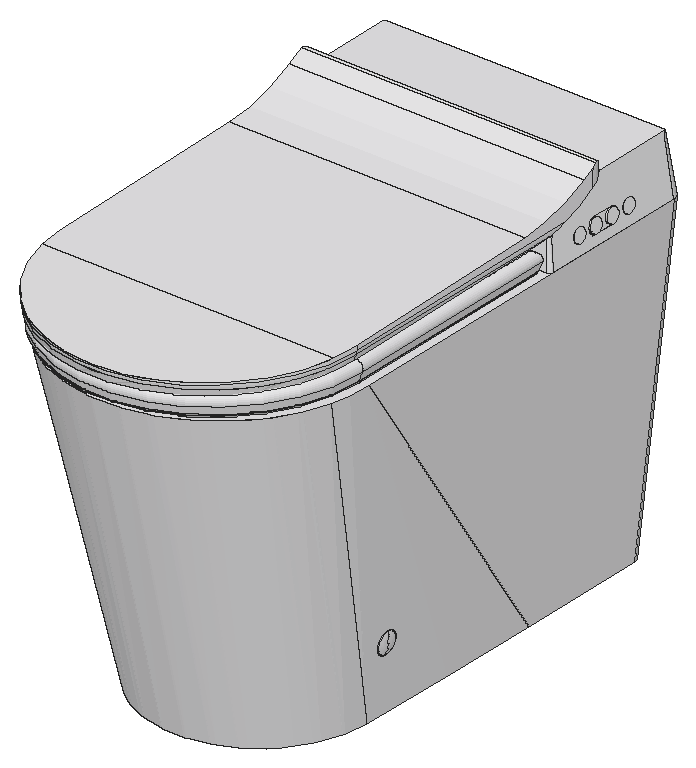
Revit family "Toilet-Floor_Mount_Intelligent-KOHLER-Leap-K-28529-1", category Plumbing Fixtures, host Face, Revit 2021
Family settings
  Host = Face
  Round Connector Dimension = Use Diameter
  Part Type = Normal
  OmniClass Number = 23.31.19.00
  OmniClass Title = Toilets
  Cut with Voids When Loaded = No
  Shared = No
  Room Calculation Point = No
Parameters (values of type "0-White")
  Width = 14.49606"  # constant formula
  WaterSense Certified = 1 = 1  # yes
  Waste Water Outlet = "Waste Water Outlet"  # constant formula
  Waste Connection = 1 = 1  # yes
  Voltage = 120 V  # constant formula
  Vent Connection = 1 = 0  # no
  URL = "https://www.us.kohler.com/us/"
  Type = 1
  Seat Included = 1 = 1  # yes
  Rough-In = 12 1/128"  # constant formula
  Product Page URL = "http://www.us.kohler.com/us/catalog/productDetails.jsp?productNumber=28529"
  Product Name = "Leap"  # constant formula
  Product Documentation Link = "https://www.us.kohler.com/webassets/kpna/catalog/pdf/en/K-28529_spec_US-CA_Kohler_en.pdf"
  Pressure = 0.00 psi
  Model = if(Type = 1, "K-28529-0", "NA")  # "K-28529-0"
  Material = "Vitreous China"  # constant formula
  Master Format 2014 Name = "Residential Water Closets"  # constant formula
  Master Format 2014 = "22 42 13.13"  # constant formula
  Manufacturer Address = "444 Highland Dr.Kohler, WI 53044"  # constant formula
  Manufacturer = "Kohler Co."  # constant formula
  Length = 26 205/256"  # constant formula
  Hot Water Inlet = "Hot Water Inlet"  # constant formula
  Height = 20.06299"  # constant formula
  HW Connection = 1 = 0  # no
  Flush Rate- LPF = "4.8 LPF"  # constant formula
  Flush Rate- GPF = "1.28 GPF"  # constant formula
  Flow Rate = 0 GPM
  Finish = Kohler-Vitreous_China-0-White
  Environmental Product Declaration = ""
  Electrical Note = "One Dedicated Circuit Required"  # constant formula
  Electrical Connector = 1 = 1  # yes
  Description = "One-piece elongated smart toilet, dual-flush"  # constant formula
  Default Elevation = 0"
  Declare Label = ""
  Date Modified = "09/23/2024"  # constant formula
  Date Created = "03/22/2024"  # constant formula
  Copyright = "Copyright Kohler Co."  # constant formula
  Contact Us = "https://www.us.kohler.com/us/static/contact.jsp"
  Cold Water Inlet = "Cold Water Inlet"  # constant formula
  CW Connection = 1 = 1  # yes
  Bowl Height = 16.44488"  # constant formula
  Assembly Code = "D2010100"
  Apparent Load = 120 * 15 VA  # 1800 VA
  ADA Compliant = 1 = 1  # yes
Reference planes (in)
  plane 1 "Center (Front/Back)": y = 0
  plane 2: z = 0
  plane 3 "Center (Left/Right)": x = 0
  plane 4: y = -27.58818
  plane 5: y = -0.7874
  plane 6: y = -12.00781
  plane 7: x = -5.98918
  plane 8: x = 6.00984
  plane 9: z = 20.06299
  plane 10: z = 16.44488
  plane 11: z = 17.62781
  plane 12: y = -4.13386
  plane 13: z = 4.74777
  plane 14: z = 5.32959
  plane 15: z = 3.4116
  plane 16: y = -5.38042
  plane 17: x = -7.24803
  plane 18: x = 7.24803
  plane 19: y = -22.34646
Dimensions and locks (in)
  plane 5 to plane 1 "Center (Front/Back)" = 0.7874"
  "Height": plane 9 to level
  "Length": plane 5 to plane 4
  "Rough-In": plane 1 "Center (Front/Back)" to plane 6
  "Bowl Height": level to plane 10
  plane 10 to plane 9 = 3.61811"
  plane 11 to plane 10 = 1.18293"
  plane 5 to plane 4 = 26 205/256"
  plane 1 "Center (Front/Back)" to plane 5 = 0.7874"
  plane 9 to level = 20.06299"
  plane 16 to plane 4 = 22.20776"
  plane 6 to plane 19 = 10.33864"
  "Width": plane 17 to plane 18
  aligned and locked: plane 2 to host face
  aligned and locked: level to host face
  aligned and locked: level to nested 1
  aligned and locked: nested 1 to plane 5
  aligned and locked: plane 3 "Center (Left/Right)" to nested 1
Automatic sketch dimensions
  host sketch curve to host sketch curve = 96"  (x2)
Nested families (in)
  nested 1: "K-28529" at (0, 0, 0.69685), type "K-28529"
Connectors (in)
  piping at (0, -12.00787, 0), diameter 2, driven by "Waste Connection", driven by "Waste Water Outlet"
    settings: on nested 1, index 3, connector inside diameter 24", connector length 0", flow factor 0, pipe flow 0 GPM, pressure drop 0.00 psi, fitting loss kfactor 0, connector angle 0.00°, fixture units 0, engagement length 0", angle of deflection 0.00°, flow configuration 0, flow direction 2, fitting loss method 0, system type 16, joint type 0, gender type 0, connector reference index -1, connector utility 1, adjustable connector no, is connector primary yes, connector description "Waste Water Outlet"
  piping at (-5.98918, -4.13386, 5.32959), diameter 0.375, driven by "CW Connection", driven by "Cold Water Inlet"
    settings: on nested 1, index 4, connector inside diameter 24", connector length 0", flow factor 0, pipe flow 0 GPM, pressure drop 0.00 psi, fitting loss kfactor 0, connector angle 0.00°, fixture units 0, engagement length 0", angle of deflection 0.00°, flow configuration 0, flow direction 1, fitting loss method 0, system type 20, joint type 0, gender type 0, connector reference index -1, connector utility 1, adjustable connector no, is connector primary no, connector description "Cold Water Inlet"
  electrical at (-5.98918, -4.13386, 4.74777), driven by "Voltage", driven by "Apparent Load", driven by "Electrical Connector", driven by "Electrical Note"
    settings: on nested 1, index 5, voltage 120 V, apparent load 1800 VA, apparent load phase1 0 VA, apparent load phase2 0 VA, apparent load phase3 0 VA, power factor 1, load classification "Power", number of poles 1, system type 30, power factor state 1, is connector primary yes, connector utility yes, sub classification motor no, connector description "One Dedicated Circuit Required"
Definition of nested family "K-28529"
  Parameters
    Material = none
    Default Elevation = 0"
  Reference planes (in)
    plane 1 "Center (Front/Back)": y = 0
    plane 2: z = 0
    plane 3 "Center (Left/Right)": x = 0
    plane 4: y = -0.7874
    plane 5: y = -12.00787
    plane 6: y = -27.58661
    plane 7: z = 15.74803
    plane 8: z = 19.36614
    plane 9: y = -21.65354
    plane 10: x = 6.00984
    plane 11: x = -5.98918
    plane 12 "aa": through (0, -5.96811, 18.39868) normal (0, 0.4548, -0.8906)
    plane 13 "zz": through (6.83853, 0, 18.59229) normal (-0.9906, 0, -0.1371)
    plane 14: z = 4.05092
    plane 15: y = -4.13386
    plane 16: z = 4.63274
    plane 17: z = -0.69685
    plane 18: x = -7.24803
    plane 19: x = 7.24803
    plane 20: y = -22.34646
  Forms (in)
    Blend 1, solid, material <- "Material", detail levels medium+fine
      base sketch origin (0, 0, 0) x (1, 0, 0) y (0, 1, 0)
        loop
          line (-5.35715, -1.25984) -> (-5.35715, -7.67699)
          arc (-5.35715, -7.67699) -> (-5.33221, -12.5375) -> (-5.2574, -17.39749) r 473.65749
          arc (-5.2574, -17.39749) -> (0, -22.54808) -> (5.2574, -17.39749) r 5.25851
          arc (5.2574, -17.39749) -> (5.33221, -12.5375) -> (5.35715, -7.67699) r 473.65749
          line (5.35715, -7.67699) -> (5.35715, -1.25984)
          arc (5.35715, -1.25984) -> (5.21878, -0.92578) -> (4.88471, -0.7874) r 0.47244
          line (4.88471, -0.7874) -> (-4.88471, -0.7874)
          arc (-4.88471, -0.7874) -> (-5.21878, -0.92578) -> (-5.35715, -1.25984) r 0.47244
      top sketch origin (0, 0, 0) x (1, 0, 0) y (0, 1, 0)
        loop
          arc (7.24803, -1.1811) -> (7.13272, -0.90271) -> (6.85433, -0.7874) r 0.3937
          line (6.85433, -0.7874) -> (-6.82273, -0.7874)
          arc (-6.82273, -0.7874) -> (-7.10112, -0.90271) -> (-7.21644, -1.1811) r 0.3937
          line (-7.21644, -1.1811) -> (-7.21644, -19.76739)
          arc (-7.21644, -19.76739) -> (-7.11617, -20.96747) -> (-6.81816, -22.13427) r 7.23223
          arc (-6.81816, -22.13427) -> (0.24036, -26.99613) -> (6.9835, -21.70552) r 7.23223
          arc (6.9835, -21.70552) -> (7.18159, -20.74544) -> (7.24803, -19.76739) r 7.23223
          line (7.24803, -19.76739) -> (7.24803, -1.1811)
      from -0.69685 to 15.74803
    Blend 2, solid, material <- "Material", detail levels medium+fine
      base sketch origin (0, 0, 0) x (1, 0, 0) y (0, 1, 0)
        loop
          arc (-1.28724, -13.93558) -> (-1.23658, -14.6763) -> (-1.17662, -15.41633) r 59.18802
          arc (-1.17662, -15.41633) -> (0, -16.49467) -> (1.17662, -15.41633) r 1.1811
          arc (1.17662, -15.41633) -> (1.23658, -14.6763) -> (1.28724, -13.93558) r 59.18802
          arc (1.28724, -13.93558) -> (0, -12.56592) -> (-1.28724, -13.93558) r 1.28972
      top sketch origin (0, 0, 0) x (1, 0, 0) y (0, 1, 0)
        loop
          arc (-5.08401, -22.50659) -> (0, -26.1414) -> (5.08401, -22.50659) r 5.37291
          arc (5.08401, -22.50659) -> (5.80138, -19.00553) -> (5.61376, -15.43665) r 14.07332
          arc (5.61376, -15.43665) -> (0, -10.75147) -> (-5.61376, -15.43665) r 5.70578
          arc (-5.61376, -15.43665) -> (-5.80138, -19.00553) -> (-5.08401, -22.50659) r 14.07332
      from 6.62557 to 15.74803
    Blend 3, void
      base sketch origin (0, 0, 0) x (1, 0, 0) y (0, 1, 0)
        loop
          arc (-0.98236, -13.91665) -> (-0.94369, -14.48193) -> (-0.89794, -15.04668) r 45.16933
          arc (-0.89794, -15.04668) -> (0, -15.86962) -> (0.89794, -15.04668) r 0.90136
          arc (0.89794, -15.04668) -> (0.94369, -14.48193) -> (0.98236, -13.91665) r 45.16933
          arc (0.98236, -13.91665) -> (0, -12.87139) -> (-0.98236, -13.91665) r 0.98425
      top sketch origin (0, 0, 0) x (1, 0, 0) y (0, 1, 0)
        loop
          arc (-4.714, -22.09484) -> (-0.00431, -25.46203) -> (4.70539, -22.09484) r 4.97732
          arc (4.70539, -22.09484) -> (5.36995, -18.85155) -> (5.19613, -15.54544) r 13.03716
          arc (5.19613, -15.54544) -> (-0.00431, -11.2052) -> (-5.20475, -15.54544) r 5.28569
          arc (-5.20475, -15.54544) -> (-5.37856, -18.85155) -> (-4.714, -22.09484) r 13.03716
      from 6.62557 to 15.74803
    Blend 4, void
      base sketch origin (0, 0, 0) x (1, 0, 0) y (0, 1, 0)
        loop
          arc (-1.28724, -13.93558) -> (-1.23658, -14.6763) -> (-1.17662, -15.41633) r 59.18802
          arc (-1.17662, -15.41633) -> (0, -16.49467) -> (1.17662, -15.41633) r 1.1811
          arc (1.17662, -15.41633) -> (1.23658, -14.6763) -> (1.28724, -13.93558) r 59.18802
          arc (1.28724, -13.93558) -> (0, -12.56592) -> (-1.28724, -13.93558) r 1.28972
      top sketch origin (0, 0, 0) x (1, 0, 0) y (0, 1, 0)
        loop
          arc (-5.08401, -22.50659) -> (0, -26.1414) -> (5.08401, -22.50659) r 5.37291
          arc (5.08401, -22.50659) -> (5.80138, -19.00553) -> (5.61376, -15.43665) r 14.07332
          arc (5.61376, -15.43665) -> (0, -10.75147) -> (-5.61376, -15.43665) r 5.70578
          arc (-5.61376, -15.43665) -> (-5.80138, -19.00553) -> (-5.08401, -22.50659) r 14.07332
      from 6.62557 to 15.74803
    Sweep 5, solid, material <- "Material", detail levels medium+fine
      path origin (0, 0, 0) x (0, 1, 0) y (0, 0, 1)
        loop
          line (-12.00787, -5.776) -> (-12.00787, 0.32888)
          arc (-12.00787, 0.32888) -> (-11.40267, 1.98153) -> (-9.87331, 2.85249) r 2.55906
          arc (-9.87331, 2.85249) -> (-6.76803, 3.86344) -> (-4.093, 5.73669) r 11.06673
          arc (-4.093, 5.73669) -> (-4.0493, 9.04716) -> (-7.35978, 9.00346) r 2.31076
          arc (-7.35978, 9.00346) -> (-9.79631, 6.79875) -> (-12.5397, 4.99008) r 21.55142
          arc (-12.5397, 4.99008) -> (-13.87, 5.00708) -> (-14.5303, 6.16207) r 1.34031
          line (-14.5303, 6.16207) -> (-14.5303, 11.74274)
      profile origin (0, -12.00787, -2.72356) x (0, -1, 0) y (1, 0, 0)
        loop
          circle (0, 0) r 1.33858
    Blend 6, solid, detail levels medium+fine
      base sketch origin (0, 0, 0) x (1, 0, 0) y (0, 1, 0)
        loop
          line (-7.23223, -1.1811) -> (-7.23223, -8.49563)
          arc (-7.23223, -8.49563) -> (-7.17458, -8.63482) -> (-7.03538, -8.69248) r 0.19685
          line (-7.03538, -8.69248) -> (-6.17053, -8.69248)
          arc (-6.17053, -8.69248) -> (-6.03134, -8.75013) -> (-5.97368, -8.88933) r 0.19685
          line (-5.97368, -8.88933) -> (-5.97368, -12.09458)
          arc (-5.97368, -12.09458) -> (-5.91603, -12.23377) -> (-5.77683, -12.29143) r 0.19685
          line (-5.77683, -12.29143) -> (5.73302, -12.29143)
          arc (5.73302, -12.29143) -> (5.87221, -12.23377) -> (5.92987, -12.09458) r 0.19685
          line (5.92987, -12.09458) -> (5.92987, -8.88319)
          arc (5.92987, -8.88319) -> (5.98753, -8.74399) -> (6.12672, -8.68634) r 0.19685
          line (6.12672, -8.68634) -> (7.03538, -8.68634)
          arc (7.03538, -8.68634) -> (7.17458, -8.62868) -> (7.23223, -8.48948) r 0.19685
          line (7.23223, -8.48948) -> (7.23223, -1.1811)
          arc (7.23223, -1.1811) -> (7.11692, -0.90271) -> (6.83853, -0.7874) r 0.3937
          line (6.83853, -0.7874) -> (-6.83853, -0.7874)
          arc (-6.83853, -0.7874) -> (-7.11692, -0.90271) -> (-7.23223, -1.1811) r 0.3937
      top sketch origin (0, 0, 0) x (1, 0, 0) y (0, 1, 0)
        loop
          line (-6.83853, -1.29921) -> (-6.83853, -8.18067)
          arc (-6.83853, -8.18067) -> (-6.80394, -8.26418) -> (-6.72042, -8.29878) r 0.11811
          line (-6.72042, -8.29878) -> (-5.65872, -8.29878)
          arc (-5.65872, -8.29878) -> (-5.60305, -8.32184) -> (-5.57998, -8.37752) r 0.07874
          line (-5.57998, -8.37752) -> (-5.57998, -11.81899)
          arc (-5.57998, -11.81899) -> (-5.55692, -11.87466) -> (-5.50124, -11.89773) r 0.07874
          line (-5.50124, -11.89773) -> (5.45743, -11.89773)
          arc (5.45743, -11.89773) -> (5.51311, -11.87466) -> (5.53617, -11.81899) r 0.07874
          line (5.53617, -11.81899) -> (5.53617, -8.37137)
          arc (5.53617, -8.37137) -> (5.55923, -8.3157) -> (5.61491, -8.29263) r 0.07874
          line (5.61491, -8.29263) -> (6.75979, -8.29263)
          arc (6.75979, -8.29263) -> (6.81547, -8.26957) -> (6.83853, -8.21389) r 0.07874
          line (6.83853, -8.21389) -> (6.83853, -1.29921)
          arc (6.83853, -1.29921) -> (6.80394, -1.2157) -> (6.72042, -1.1811) r 0.11811
          line (6.72042, -1.1811) -> (-6.72042, -1.1811)
          arc (-6.72042, -1.1811) -> (-6.80394, -1.2157) -> (-6.83853, -1.29921) r 0.11811
      from 15.74803 to 18.59229
    Extrusion 7, void
      sketch origin (0, 0, 0) x (0, 1, 0) y (0, 0, 1)
        loop
          line (-13.03567, 16.96863) -> (-10.47661, 16.96863)
          arc (-10.47661, 16.96863) -> (-7.28224, 17.51541) -> (-4.45158, 19.09347) r 9.6045
          line (-4.45158, 19.09347) -> (-4.45158, 22.00586) -> (-13.03567, 22.00586) -> (-13.03567, 16.96863)
      from -7.81269 to 7.85948
    Sweep 8, solid, detail levels medium+fine
      path origin (0, 0, 0) x (1, 0, 0) y (0, 1, 0)
        loop
          line (-5.97368, -9.1348) -> (-7.23757, -9.1348) -> (-7.23757, -20.10729)
          arc (-7.23757, -20.10729) -> (-0.00004, -27.34483) -> (7.2375, -20.10729) r 7.23754
          line (7.2375, -20.10729) -> (7.2375, -9.13429) -> (5.92987, -9.13429)
      profile origin (-0.00004, -27.34483, 0) x (0, 1, 0) y (0, 0, 1)
        loop
          line (0.76134, 16.98035) -> (0.4043, 16.98035)
          arc (0.4043, 16.98035) -> (0.09009, 16.82386) -> (0.02566, 16.47879) r 0.3937
          line (0.02566, 16.47879) -> (0.13962, 16.07874)
          arc (0.13962, 16.07874) -> (0.14839, 16.06496) -> (0.16327, 16.05821) r 0.02866
          line (0.16327, 16.05821) -> (0.17897, 16.00311)
          arc (0.17897, 16.00311) -> (0.187, 15.98997) -> (0.20065, 15.98285) r 0.02877
          line (0.20065, 15.98285) -> (0.56449, 15.90552) -> (0.76134, 15.90552) -> (0.76134, 16.98035)
    Sweep 9, solid, detail levels medium+fine
      path origin (0, 0, 0) x (1, 0, 0) y (0, 1, 0)
        loop
          arc (2.4823, -23.64191) -> (3.9236, -19.97802) -> (3.8441, -16.04163) r 10.03318
          arc (3.8441, -16.04163) -> (0, -12.95489) -> (-3.8441, -16.04163) r 3.93701
          arc (-3.8441, -16.04163) -> (-3.9236, -19.97802) -> (-2.4823, -23.64191) r 10.03318
          arc (-2.4823, -23.64191) -> (0, -24.99561) -> (2.4823, -23.64191) r 2.95276
      profile origin (0, -24.99561, 0) x (0, -1, 0) y (0, 0, 1)
        loop
          line (1.13914, 15.90642) -> (1.13914, 16.98035) -> (0.92069, 16.98035)
          arc (0.92069, 16.98035) -> (0.53316, 16.865) -> (0.27179, 16.55651) r 0.70866
          line (0.27179, 16.55651) -> (-0.08308, 15.74803) -> (0.31743, 15.74803) -> (0.43458, 15.80815)
          arc (0.43458, 15.80815) -> (0.63212, 15.8815) -> (0.84137, 15.90642) r 0.89105
          line (0.84137, 15.90642) -> (1.13914, 15.90642)
    Extrusion 10, solid, detail levels medium+fine
      sketch origin (0, 0, 0) x (1, 0, 0) y (0, 1, 0)
        loop
          arc (-6.47623, -20.10729) -> (-0.00004, -26.58349) -> (6.47616, -20.10729) r 6.4762
          line (6.47616, -20.10729) -> (6.47616, -9.1348) -> (-6.47623, -9.1348) -> (-6.47623, -20.10729)
        loop
          arc (-4.95636, -15.79562) -> (-5.04488, -20.17893) -> (-3.43994, -24.25881) r 11.17232
          arc (-3.43994, -24.25881) -> (0, -26.13475) -> (3.43994, -24.25881) r 4.0919
          arc (3.43994, -24.25881) -> (5.04488, -20.17893) -> (4.95636, -15.79562) r 11.17232
          arc (4.95636, -15.79562) -> (0, -11.81575) -> (-4.95636, -15.79562) r 5.07615
      from 15.90552 to 16.98035
    Sweep 11, solid, detail levels medium+fine
      path origin (0, 0, 0) x (1, 0, 0) y (0, 1, 0)
        loop
          line (-7.17495, -6.04971) -> (-7.17495, -20.41351)
          arc (-7.17495, -20.41351) -> (-0.00072, -27.58774) -> (7.17351, -20.41351) r 7.17423
          line (7.17351, -20.41351) -> (7.17351, -6.04971)
          arc (7.17351, -6.04971) -> (6.91982, -5.43726) -> (6.30737, -5.18357) r 0.86614
          line (6.30737, -5.18357) -> (-6.3088, -5.18357)
          arc (-6.3088, -5.18357) -> (-6.92126, -5.43726) -> (-7.17495, -6.04971) r 0.86614
      profile origin (-0.00072, -27.58774, 0) x (0, 1, 0) y (0, 0, 1)
        loop
          line (0, 19.4496) -> (0, 17.55087)
          arc (0, 17.55087) -> (0.0072, 17.44465) -> (0.02866, 17.34037) r 0.7874
          line (0.02866, 17.34037) -> (0.12235, 17.00267) -> (0.46752, 17.00267) -> (0.46752, 19.4496) -> (0, 19.4496)
    Extrusion 12, solid, detail levels medium+fine
      sketch origin (0, 0, 0) x (1, 0, 0) y (0, 1, 0)
        loop
          arc (-6.70743, -20.41351) -> (-0.00072, -27.12022) -> (6.70599, -20.41351) r 6.70671
          line (6.70599, -20.41351) -> (6.70599, -6.04971)
          arc (6.70599, -6.04971) -> (6.58924, -5.76784) -> (6.30737, -5.65109) r 0.39862
          line (6.30737, -5.65109) -> (-6.3088, -5.65109)
          arc (-6.3088, -5.65109) -> (-6.59067, -5.76784) -> (-6.70743, -6.04971) r 0.39862
          line (-6.70743, -6.04971) -> (-6.70743, -20.41351)
      from 17.00267 to 19.4496
    Extrusion 13, void
      sketch origin (0, 0, 0) x (0, 1, 0) y (0, 0, 1)
        loop
          line (-28.0501, 17.61415) -> (-28.0501, 17.02997) -> (-16.53126, 17.17472)
          arc (-16.53126, 17.17472) -> (-13.07574, 17.21488) -> (-9.62016, 17.2485) r 1828.21416
          arc (-9.62016, 17.2485) -> (-8.23545, 17.42197) -> (-6.92756, 17.90874) r 6.0372
          line (-6.92756, 17.90874) -> (-5.96811, 18.39868)
          arc (-5.96811, 18.39868) -> (-5.63076, 18.62807) -> (-5.36067, 18.93381) r 1.63568
          line (-5.36067, 18.93381) -> (-5.55783, 19.22659)
          arc (-5.55783, 19.22659) -> (-5.67337, 19.30761) -> (-5.81343, 19.2905) r 0.19685
          line (-5.81343, 19.2905) -> (-6.54318, 18.90298)
          arc (-6.54318, 18.90298) -> (-8.29159, 18.22153) -> (-10.15011, 17.96225) r 8.07087
          arc (-10.15011, 17.96225) -> (-15.89578, 17.84089) -> (-21.64166, 17.73074) r 2944.52408
          line (-21.64166, 17.73074) -> (-28.0501, 17.61415)
        loop
          line (-28.59758, 20.15324) -> (-28.59758, 16.79498) -> (-4.64315, 16.79498) -> (-4.64315, 20.15324) -> (-28.59758, 20.15324)
      from -8.69124 to 9.84252
    Extrusion 14, void
      sketch origin (0, 0, 0) x (0, 1, 0) y (0, 0, 1)
        loop
          line (-14.54389, -0.69685) -> (-14.54389, -6.10236) -> (-9.81948, -6.10236) -> (-9.81948, -0.69685) -> (-14.54389, -0.69685)
      from -1.92433 to 1.81587
    Revolve 15, solid, detail levels medium+fine
      sketch origin (0, -22.96998, 0) x (1, 0, 0) y (0, 0, 1)
        loop
          line (-5.37058, 16.9566) -> (-5.33474, 16.9566)
          arc (-5.33474, 16.9566) -> (-5.06702, 17.06749) -> (-4.95612, 17.33522) r 0.37862
          line (-4.95612, 17.33522) -> (-4.95612, 17.61811) -> (-5.37058, 17.61811) -> (-5.37058, 16.9566)
        axis (-5.37058, 16.9566) -> (-5.37058, 17.61811)
      angle from 0 to 360
    Revolve 16, solid, detail levels medium+fine
      sketch origin (0, -22.96998, 0) x (-1, 0, 0) y (0, 0, -1)
        loop
          line (-5.37058, -16.9566) -> (-5.37058, -17.61811) -> (-4.95612, -17.61811) -> (-4.95612, -17.33522)
          arc (-4.95612, -17.33522) -> (-5.06702, -17.06749) -> (-5.33474, -16.9566) r 0.37862
          line (-5.33474, -16.9566) -> (-5.37058, -16.9566)
        axis (-5.37058, -16.9566) -> (-5.37058, -17.61811)
      angle from 0 to 360
    Extrusion 17, solid, material <- "Material", detail levels medium+fine
      sketch origin (0, 0, 0) x (1, 0, 0) y (0, 1, 0)
        loop
          line (4.97138, -23.54979) -> (5.28636, -23.23481)
          arc (5.28636, -23.23481) -> (5.28636, -22.95642) -> (5.00797, -22.95642) r 0.19685
          line (5.00797, -22.95642) -> (4.69299, -23.2714)
          arc (4.69299, -23.2714) -> (4.69299, -23.54979) -> (4.97138, -23.54979) r 0.19685
        loop
          arc (-4.97138, -23.54979) -> (-4.69299, -23.54979) -> (-4.69299, -23.2714) r 0.19685
          line (-4.69299, -23.2714) -> (-5.00797, -22.95642)
          arc (-5.00797, -22.95642) -> (-5.28636, -22.95642) -> (-5.28636, -23.23481) r 0.19685
          line (-5.28636, -23.23481) -> (-4.97138, -23.54979)
        loop
          line (6.33859, -16.44818) -> (6.33859, -15.91798)
          arc (6.33859, -15.91798) -> (6.14174, -15.72112) -> (5.94489, -15.91798) r 0.19685
          line (5.94489, -15.91798) -> (5.94489, -16.44818)
          arc (5.94489, -16.44818) -> (6.14174, -16.64503) -> (6.33859, -16.44818) r 0.19685
        loop
          arc (-6.33859, -16.44818) -> (-6.14174, -16.64503) -> (-5.94489, -16.44818) r 0.19685
          line (-5.94489, -16.44818) -> (-5.94489, -15.91798)
          arc (-5.94489, -15.91798) -> (-6.14174, -15.72112) -> (-6.33859, -15.91798) r 0.19685
          line (-6.33859, -15.91798) -> (-6.33859, -16.44818)
      from 15.86858 to 16.40889
    Extrusion 18, solid, detail levels medium+fine
      sketch origin (0, -8.68648, 17.01054) x (0, 0.8906, 0.454787) y (1, 0, 0)
        loop
          line (3.38966, 5.78421) -> (2.59571, 5.78421)
          arc (2.59571, 5.78421) -> (2.39502, 5.70108) -> (2.31189, 5.50039) r 0.28382
          line (2.31189, 5.50039) -> (2.31189, 5.18756)
          arc (2.31189, 5.18756) -> (2.38178, 5.01884) -> (2.5505, 4.94896) r 0.2386
          line (2.5505, 4.94896) -> (3.38966, 4.94896) -> (3.38966, 5.78421)
        loop
          line (3.38966, -4.94414) -> (2.59571, -4.94414)
          arc (2.59571, -4.94414) -> (2.39502, -5.02727) -> (2.31189, -5.22796) r 0.28382
          line (2.31189, -5.22796) -> (2.31189, -5.54079)
          arc (2.31189, -5.54079) -> (2.38178, -5.70951) -> (2.5505, -5.77939) r 0.2386
          line (2.5505, -5.77939) -> (3.38966, -5.77939) -> (3.38966, -4.94414)
      from -0.3851 to 0.65953
    Extrusion 19, void
      sketch origin (2.36162, 0, -0.81484) x (0, 1, 0) y (-0.137112, 0, 0.990556)
        loop
          arc (-5.86097, 16.98312) -> (-6.25015, 16.59394) -> (-5.86097, 16.20477) r 0.38918
          line (-5.86097, 16.20477) -> (-4.84161, 16.20477)
          arc (-4.84161, 16.20477) -> (-4.45243, 16.59394) -> (-4.84161, 16.98312) r 0.38918
          line (-4.84161, 16.98312) -> (-5.86097, 16.98312)
      from 7.03856 to 7.65502
    Extrusion 20, solid, detail levels medium+fine
      sketch origin (9.23512, 0, 1.27832) x (-0.137112, 0, 0.990556) y (0, 1, 0)
        loop
          circle (15.46299, -5.86097) r 0.33465
        loop
          circle (15.46299, -4.84161) r 0.33465
        loop
          circle (15.46299, -6.84522) r 0.33465
        loop
          circle (15.46299, -3.85736) r 0.33465
      from -0.07138 to 0.05702
    Revolve 21, solid, detail levels medium+fine
      sketch origin (0.03691, -4.13386, 0) x (-1, 0, 0) y (0, 0, -1)
        loop
          line (5.98129, -3.5114) -> (5.82665, -2.08435)
          arc (5.82665, -2.08435) -> (5.81218, -2.05791) -> (5.78326, -2.04945) r 0.03937
          line (5.78326, -2.04945) -> (5.70764, -2.05764) -> (5.86653, -3.52384) -> (5.98129, -3.5114)
        axis (5.98129, -3.5114) -> (5.86653, -3.52384)
      angle from 0 to 360
    Extrusion 22, void
      sketch origin (0.14311, 0, 0.5971) x (0, 1, 0) y (-0.104528, 0, 0.994522)
        loop
          line (-3.74016, 3.58755) -> (-3.74016, 5.45057) -> (-4.52756, 5.45057) -> (-4.52756, 3.58755)
          arc (-4.52756, 3.58755) -> (-4.13386, 3.19385) -> (-3.74016, 3.58755) r 0.3937
      from -6.31406 to -5.2628
    Extrusion 23, solid, material <- "Material", detail levels medium+fine
      sketch origin (0, 0, 0) x (1, 0, 0) y (0, 1, 0)
        loop
          circle (0, -12.00787) r 0.7874
      from -0.69685 to -0.5357
    Extrusion 24, solid, material <- "Material", detail levels coarse
      sketch origin (0, 0, 0) x (1, 0, 0) y (0, 1, 0)
        loop
          arc (7.24803, -1.1811) -> (7.13272, -0.90271) -> (6.85433, -0.7874) r 0.3937
          line (6.85433, -0.7874) -> (-6.82273, -0.7874)
          arc (-6.82273, -0.7874) -> (-7.10112, -0.90271) -> (-7.21644, -1.1811) r 0.3937
          line (-7.21644, -1.1811) -> (-7.21644, -19.76739)
          arc (-7.21644, -19.76739) -> (-7.11617, -20.96747) -> (-6.81816, -22.13427) r 7.23223
          arc (-6.81816, -22.13427) -> (0.24036, -26.99613) -> (6.9835, -21.70552) r 7.23223
          arc (6.9835, -21.70552) -> (7.18159, -20.74544) -> (7.24803, -19.76739) r 7.23223
          line (7.24803, -19.76739) -> (7.24803, -1.1811)
      from -0.69685 to 15.74803
    Extrusion 25, solid, detail levels coarse
      sketch origin (0, 0, 0) x (1, 0, 0) y (0, 1, 0)
        loop
          arc (7.23223, -1.1811) -> (7.11692, -0.90271) -> (6.83853, -0.7874) r 0.3937
          line (6.83853, -0.7874) -> (-6.83853, -0.7874)
          arc (-6.83853, -0.7874) -> (-7.11692, -0.90271) -> (-7.23223, -1.1811) r 0.3937
          line (-7.23223, -1.1811) -> (-7.23223, -8.69248) -> (-5.97343, -8.69248) -> (-5.97343, -12.29143) -> (5.92987, -12.29143) -> (5.92987, -8.68634) -> (7.23223, -8.68634) -> (7.23223, -1.1811)
      from 15.74803 to 18.59229
    Extrusion 26, solid, detail levels coarse
      sketch origin (0, 0, 0) x (1, 0, 0) y (0, 1, 0)
        loop
          line (-7.17495, -5.18357) -> (-7.17495, -20.41351)
          arc (-7.17495, -20.41351) -> (-0.00072, -27.58774) -> (7.17351, -20.41351) r 7.17423
          line (7.17351, -20.41351) -> (7.17351, -5.18357) -> (-7.17495, -5.18357)
      from 15.90552 to 19.82764
    Extrusion 27, void
      sketch origin (0, 0, 0) x (0, 1, 0) y (0, 0, 1)
        loop
          line (-28.59758, 17.60418) -> (-21.64166, 17.73074)
          arc (-21.64166, 17.73074) -> (-15.89578, 17.84089) -> (-10.15011, 17.96225) r 2944.52408
          arc (-10.15011, 17.96225) -> (-8.29159, 18.22153) -> (-6.54318, 18.90298) r 8.07087
          line (-6.54318, 18.90298) -> (-5.96502, 19.21)
          arc (-5.96502, 19.21) -> (-5.73008, 19.30008) -> (-5.48034, 19.33071) r 1.03342
          line (-5.48034, 19.33071) -> (-4.64315, 19.33071) -> (-4.64315, 20.15324) -> (-28.59758, 20.15324) -> (-28.59758, 17.60418)
      from -7.85812 to 8.52662
    Extrusion 28, solid, detail levels coarse
      sketch origin (0, 0, 0) x (1, 0, 0) y (0, 1, 0)
        loop
          line (4.97138, -23.54979) -> (5.28636, -23.23481)
          arc (5.28636, -23.23481) -> (5.28636, -22.95642) -> (5.00797, -22.95642) r 0.19685
          line (5.00797, -22.95642) -> (4.69299, -23.2714)
          arc (4.69299, -23.2714) -> (4.69299, -23.54979) -> (4.97138, -23.54979) r 0.19685
        loop
          arc (-4.97138, -23.54979) -> (-4.69299, -23.54979) -> (-4.69299, -23.2714) r 0.19685
          line (-4.69299, -23.2714) -> (-5.00797, -22.95642)
          arc (-5.00797, -22.95642) -> (-5.28636, -22.95642) -> (-5.28636, -23.23481) r 0.19685
          line (-5.28636, -23.23481) -> (-4.97138, -23.54979)
        loop
          line (6.33859, -16.44818) -> (6.33859, -15.91798)
          arc (6.33859, -15.91798) -> (6.14174, -15.72112) -> (5.94489, -15.91798) r 0.19685
          line (5.94489, -15.91798) -> (5.94489, -16.44818)
          arc (5.94489, -16.44818) -> (6.14174, -16.64503) -> (6.33859, -16.44818) r 0.19685
        loop
          arc (-6.33859, -16.44818) -> (-6.14174, -16.64503) -> (-5.94489, -16.44818) r 0.19685
          line (-5.94489, -16.44818) -> (-5.94489, -15.91798)
          arc (-5.94489, -15.91798) -> (-6.14174, -15.72112) -> (-6.33859, -15.91798) r 0.19685
          line (-6.33859, -15.91798) -> (-6.33859, -16.44818)
      from 15.74803 to 15.90552
    Revolve 29, solid, detail levels medium+fine
      sketch origin (0.3399, -16.73228, 1.08331) x (0.998901, 0, 0.046868) y (-0.046868, 0, 0.998901)
        loop
          line (5.02441, 1.43252) -> (5.50519, 1.36608) -> (5.50951, 1.39728)
          arc (5.50951, 1.39728) -> (5.52943, 1.64251) -> (5.5217, 1.88843) r 2.18803
          arc (5.5217, 1.88843) -> (5.48927, 1.91808) -> (5.45693, 1.88833) r 0.0325
          line (5.45693, 1.88833) -> (5.43036, 1.57514) -> (5.05136, 1.62752) -> (5.02441, 1.43252)
        axis (5.50519, 1.36608) -> (5.02441, 1.43252)
      angle from 0 to 360
    Revolve 30, solid, detail levels medium+fine
      sketch origin (-0.3399, -16.73228, 1.08331) x (-0.998901, 0, 0.046868) y (-0.046868, 0, -0.998901)
        loop
          line (5.02441, -1.43252) -> (5.05136, -1.62752) -> (5.43036, -1.57514) -> (5.45693, -1.88833)
          arc (5.45693, -1.88833) -> (5.48927, -1.91808) -> (5.5217, -1.88843) r 0.0325
          arc (5.5217, -1.88843) -> (5.52943, -1.64251) -> (5.50951, -1.39728) r 2.18803
          line (5.50951, -1.39728) -> (5.50519, -1.36608) -> (5.02441, -1.43252)
        axis (5.50519, -1.36608) -> (5.02441, -1.43252)
      angle from 0 to 360
    Extrusion 31, solid, detail levels medium+fine
      sketch origin (0, 0, 0) x (0, 1, 0) y (0, 0, 1)
        loop
          circle (-4.13386, 4.63274) r 0.11811
        loop
          circle (-4.13386, 4.05092) r 0.11811
      from -5.98918 to -5.79876
    Extrusion 32, void
      sketch origin (0, 0, 0) x (0, 1, 0) y (0, 0, 1)
        loop
          circle (-1.90018, 17.16295) r 0.16054
        loop
          line (-5.05994, 15.74803) -> (-5.05994, 17.84168)
          arc (-5.05994, 17.84168) -> (-5.07528, 17.87872) -> (-5.11232, 17.89406) r 0.05238
          line (-5.11232, 17.89406) -> (-6.02711, 17.89406) -> (-6.83875, 17.44416)
          arc (-6.83875, 17.44416) -> (-6.87364, 17.41044) -> (-6.88697, 17.36379) r 0.09361
          line (-6.88697, 17.36379) -> (-6.91296, 15.74803) -> (-5.05994, 15.74803)
      from -7.58906 to -6.47623
    Extrusion 33, solid, detail levels medium+fine
      sketch origin (-1.9685, 0, 0) x (0, 1, 0) y (0, 0, 1)
        loop
          circle (-1.90018, 17.16295) r 0.16054
      from -5.14703 to -4.96668
    Extrusion 34, solid, detail levels medium+fine
      sketch origin (0, 0, 0) x (0, 1, 0) y (0, 0, 1)
        loop
          line (-5.05994, 15.74803) -> (-5.05994, 17.84168)
          arc (-5.05994, 17.84168) -> (-5.07528, 17.87872) -> (-5.11232, 17.89406) r 0.05238
          line (-5.11232, 17.89406) -> (-6.02711, 17.89406) -> (-6.83875, 17.44416)
          arc (-6.83875, 17.44416) -> (-6.87364, 17.41044) -> (-6.88697, 17.36379) r 0.09361
          line (-6.88697, 17.36379) -> (-6.91296, 15.74803) -> (-5.05994, 15.74803)
      from -7.55058 to -6.131
    Extrusion 35, void
      sketch origin (0, 0, 0) x (1, 0, 0) y (0, 0, 1)
        loop
          line (-7.24725, 15.63953) -> (-6.83853, 18.59229) -> (-7.82278, 18.59229) -> (-7.82278, 15.63953) -> (-7.24725, 15.63953)
      from 1.1811 to 7.47962
  Cuts and joins
    Blend 3 cuts Blend 2
    Blend 4 cuts Blend 1
    Blend 3, Extrusion 14 cuts Sweep 5
    Extrusion 7, Extrusion 19, Extrusion 32 cuts Blend 6
    joined: Sweep 8, Sweep 9, Extrusion 10
    Extrusion 13 cuts Sweep 11
    Extrusion 13 cuts Extrusion 12
    joined: Sweep 11, Extrusion 12
    Extrusion 22 cuts Revolve 21
    joined: Revolve 21, Extrusion 31
    Extrusion 27 cuts Extrusion 26
    Extrusion 7 cuts Extrusion 25
    Extrusion 35 cuts Extrusion 33
    Extrusion 35 cuts Extrusion 34
  Lines and regions (in)
    Masking region 1
      outline origin (0, 0, 0) x (1, 0, 0) y (0, 1, 0)
        loop
          line (6.73622, -0.7874) -> (-6.73622, -0.7874)
          arc (-6.73622, -0.7874) -> (-7.09813, -0.93731) -> (-7.24803, -1.29921) r 0.51181
          line (-7.24803, -1.29921) -> (-7.24803, -12.72629)
          arc (-7.24803, -12.72629) -> (-7.21745, -16.70023) -> (-7.1257, -20.67323) r 258.17817
          arc (-7.1257, -20.67323) -> (0, -27.58286) -> (7.1257, -20.67323) r 7.12907
          arc (7.1257, -20.67323) -> (7.21745, -16.70023) -> (7.24803, -12.72629) r 258.17817
          line (7.24803, -12.72629) -> (7.24803, -1.29921)
          arc (7.24803, -1.29921) -> (7.09813, -0.93731) -> (6.73622, -0.7874) r 0.51181
    Masking region 2
      outline origin (0, 0, 0) x (1, 0, 0) y (0, 0, 1)
        loop
          arc (-6.47498, 19.36614) -> (-6.89244, 19.20795) -> (-7.10023, 18.81281) r 0.62992
          line (-7.10023, 18.81281) -> (-7.24803, 15.74803) -> (-6.98085, 15.74803)
          arc (-6.98085, 15.74803) -> (-7.16126, 15.67326) -> (-7.24802, 15.49829) r 0.27807
          line (-7.24802, 15.49829) -> (-7.24802, 15.44195)
          arc (-7.24802, 15.44195) -> (-7.01235, 13.16171) -> (-6.76724, 10.88248) r 553.15289
          arc (-6.76724, 10.88248) -> (-6.44197, 7.9563) -> (-6.10792, 5.03111) r 980.80627
          line (-6.10792, 5.03111) -> (-6.18283, 5.02345)
          arc (-6.18283, 5.02345) -> (-6.01983, 3.56296) -> (-5.84328, 2.10405) r 158.20982
          line (-5.84328, 2.10405) -> (-5.76584, 2.11325)
          arc (-5.76584, 2.11325) -> (-5.60835, 0.79465) -> (-5.44907, -0.52374) r 980.80627
          arc (-5.44907, -0.52374) -> (-5.38418, -0.64735) -> (-5.25365, -0.69685) r 0.19685
          line (-5.25365, -0.69685) -> (5.25365, -0.69685)
          arc (5.25365, -0.69685) -> (5.38418, -0.64735) -> (5.44907, -0.52374) r 0.19685
          arc (5.44907, -0.52374) -> (5.60835, 0.79465) -> (5.76584, 2.11325) r 980.80627
          line (5.76584, 2.11325) -> (5.84328, 2.10405)
          arc (5.84328, 2.10405) -> (6.01983, 3.56296) -> (6.18283, 5.02345) r 158.20982
          line (6.18283, 5.02345) -> (6.10792, 5.03111)
          arc (6.10792, 5.03111) -> (6.44197, 7.9563) -> (6.76724, 10.88248) r 980.80627
          arc (6.76724, 10.88248) -> (7.01235, 13.16171) -> (7.24802, 15.44195) r 553.15289
          line (7.24802, 15.44195) -> (7.24802, 15.49829)
          arc (7.24802, 15.49829) -> (7.16126, 15.67326) -> (6.98085, 15.74803) r 0.27807
          line (6.98085, 15.74803) -> (7.24803, 15.74803) -> (7.10023, 18.81281)
          arc (7.10023, 18.81281) -> (6.89244, 19.20795) -> (6.47498, 19.36614) r 0.62992
          line (6.47498, 19.36614) -> (-6.47498, 19.36614)
    Masking region 3
      outline origin (0, 0, 0) x (0, 1, 0) y (0, 0, 1)
        loop
          arc (-0.7874, 15.51181) -> (-0.85659, 15.67884) -> (-1.02362, 15.74803) r 0.23622
          line (-1.02362, 15.74803) -> (-0.78745, 15.74803) -> (-1.12897, 18.26487)
          arc (-1.12897, 18.26487) -> (-1.26035, 18.50775) -> (-1.51895, 18.60459) r 0.3937
          line (-1.51895, 18.60459) -> (-5.13315, 18.60459)
          arc (-5.13315, 18.60459) -> (-5.33828, 18.471) -> (-5.54675, 18.34269) r 9.6045
          line (-5.54675, 18.34269) -> (-5.70983, 18.66204)
          arc (-5.70983, 18.66204) -> (-5.55087, 18.79919) -> (-5.39613, 18.94108) r 6.95597
          line (-5.39613, 18.94108) -> (-5.60314, 19.25451)
          arc (-5.60314, 19.25451) -> (-5.67273, 19.32576) -> (-5.76379, 19.36614) r 0.26383
          line (-5.76379, 19.36614) -> (-5.81526, 19.36614)
          arc (-5.81526, 19.36614) -> (-5.88908, 19.35019) -> (-5.95507, 19.31348) r 0.25707
          arc (-5.95507, 19.31348) -> (-6.3543, 19.03507) -> (-6.77745, 18.79458) r 5.28385
          arc (-6.77745, 18.79458) -> (-7.52666, 18.42865) -> (-8.32424, 18.18557) r 5.26575
          arc (-8.32424, 18.18557) -> (-9.04684, 18.05812) -> (-9.77759, 17.99174) r 8.73892
          arc (-9.77759, 17.99174) -> (-10.89246, 17.94523) -> (-12.00788, 17.91415) r 80.71194
          arc (-12.00788, 17.91415) -> (-13.42533, 17.88576) -> (-14.84284, 17.85997) r 770.18432
          line (-14.84284, 17.85997) -> (-27.42114, 17.64277)
          arc (-27.42114, 17.64277) -> (-27.55706, 17.56969) -> (-27.57637, 17.41658) r 0.16838
          line (-27.57637, 17.41658) -> (-27.44134, 17.04731) -> (-23.36557, 17.09447)
          arc (-23.36557, 17.09447) -> (-23.30079, 17.00929) -> (-23.21561, 16.94452) r 0.39669
          line (-23.21561, 16.94452) -> (-27.062, 16.93352)
          arc (-27.062, 16.93352) -> (-27.31125, 16.80994) -> (-27.36533, 16.53704) r 0.31496
          line (-27.36533, 16.53704) -> (-27.22025, 15.99559) -> (-26.79646, 15.90552) -> (-25.79608, 15.90552)
          arc (-25.79608, 15.90552) -> (-25.6261, 15.86377) -> (-25.49478, 15.74803) r 0.36697
          line (-25.49478, 15.74803) -> (-27.06083, 15.74803)
          arc (-27.06083, 15.74803) -> (-27.24949, 15.65397) -> (-27.2879, 15.4467) r 0.23622
          line (-27.2879, 15.4467) -> (-22.38908, -0.55762)
          arc (-22.38908, -0.55762) -> (-22.31791, -0.65826) -> (-22.20085, -0.69685) r 0.19685
          line (-22.20085, -0.69685) -> (-0.98425, -0.69685)
          arc (-0.98425, -0.69685) -> (-0.84506, -0.63919) -> (-0.7874, -0.5) r 0.19685
          line (-0.7874, -0.5) -> (-0.7874, 15.51181)
        loop
          line (-6.49968, 17.83068) -> (-6.60071, 18.02852)
          arc (-6.60071, 18.02852) -> (-7.97712, 17.46056) -> (-9.45191, 17.25549) r 5.89665
          line (-9.45191, 17.25549) -> (-22.63702, 17.1029)
          arc (-22.63702, 17.1029) -> (-22.71687, 17.01731) -> (-22.80945, 16.94568) r 0.72525
          line (-22.80945, 16.94568) -> (-10.47661, 16.98094)
          arc (-10.47661, 16.98094) -> (-8.44388, 17.19862) -> (-6.49968, 17.83068) r 9.86318
        loop
          arc (-12.27045, 15.90552) -> (-12.4506, 15.85098) -> (-12.60818, 15.74803) r 0.6632
          line (-12.60818, 15.74803) -> (-12.29143, 15.74803) -> (-12.27045, 15.90552)
    symbolic lines, detail levels medium+fine
      curve 1: line (-6.54807, -1.13438, 0) -> (6.54807, -1.13438, 0)
      curve 2: line (-7.13862, -1.72639, 0) -> (-7.12809, -6.00511, 0)
      curve 3: line (7.13862, -1.72639, 0) -> (7.12809, -6.00511, 0)
      curve 4: arc (-6.54807, -1.13438, 0) -> (-6.96617, -1.30786, 0) -> (-7.13862, -1.72639, 0) r 0.59055
      curve 5: arc (6.54807, -1.13438, 0) -> (6.96617, -1.30786, 0) -> (7.13862, -1.72639, 0) r 0.59055
      curve 10: line (-6.95742, -6.42141, 0) -> (-6.98503, -20.3993, 0)
      curve 11: line (6.95742, -6.42141, 0) -> (6.98503, -20.3993, 0)
      curve 12: line (-6.36687, -5.83203, 0) -> (6.36687, -5.83203, 0)
      curve 13: arc (-6.36687, -5.83203, 0) -> (-6.78404, -6.00458, 0) -> (-6.95742, -6.42141, 0) r 0.59055
      curve 14: arc (6.36687, -5.83203, 0) -> (6.78404, -6.00458, 0) -> (6.95742, -6.42141, 0) r 0.59055
      curve 15: line (-7.24803, -5.03356, 0) -> (-7.13043, -5.05753, 0)
      curve 16: line (-7.24803, -6.90562, 0) -> (-7.12615, -6.85154, 0)
      curve 17: line (7.24803, -9.12654, 0) -> (7.12242, -9.01919, 0)
      curve 18: line (7.24803, -8.58799, 0) -> (7.12284, -8.71318, 0)
      curve 19: arc (7.21255, -3.48277, 0) -> (7.19085, -3.77712, 0) -> (7.20041, -4.07212, 0) r 2.78662
      curve 20: arc (7.24803, -3.4597, 0) -> (7.22495, -3.46301, 0) -> (7.21255, -3.48277, 0) r 0.02774
      curve 21: arc (7.20041, -4.07212, 0) -> (7.20564, -4.12695, 0) -> (7.21196, -4.18166, 0) r 2.78662
      curve 22: arc (7.21196, -4.18166, 0) -> (7.22977, -4.1976, 0) -> (7.24803, -4.18218, 0) r 0.01821
      curve 23: arc (7.21255, -4.57445, 0) -> (7.19085, -4.86881, 0) -> (7.20041, -5.16381, 0) r 2.78662
      curve 24: arc (7.24803, -4.55139, 0) -> (7.22495, -4.5547, 0) -> (7.21255, -4.57445, 0) r 0.02774
      curve 25: arc (7.20041, -5.16381, 0) -> (7.20564, -5.21863, 0) -> (7.21196, -5.27335, 0) r 2.78662
      curve 26: arc (7.21196, -5.27335, 0) -> (7.22977, -5.28929, 0) -> (7.24803, -5.27387, 0) r 0.01821
      curve 27: arc (7.21255, -5.55871, 0) -> (7.19085, -5.85306, 0) -> (7.20041, -6.14806, 0) r 2.78662
      curve 28: arc (7.24803, -5.53564, 0) -> (7.22495, -5.53895, 0) -> (7.21255, -5.55871, 0) r 0.02774
      curve 29: arc (7.20041, -6.14806, 0) -> (7.20564, -6.20289, 0) -> (7.21196, -6.2576, 0) r 2.78662
      curve 30: arc (7.21196, -6.2576, 0) -> (7.22977, -6.27354, 0) -> (7.24803, -6.25812, 0) r 0.01821
      curve 31: arc (7.21255, -6.54296, 0) -> (7.19085, -6.83731, 0) -> (7.20041, -7.13231, 0) r 2.78662
      curve 32: arc (7.24803, -6.51989, 0) -> (7.22495, -6.5232, 0) -> (7.21255, -6.54296, 0) r 0.02774
      curve 33: arc (7.20041, -7.13231, 0) -> (7.20564, -7.18714, 0) -> (7.21196, -7.24185, 0) r 2.78662
      curve 34: arc (7.21196, -7.24185, 0) -> (7.22977, -7.25779, 0) -> (7.24803, -7.24237, 0) r 0.01821
      curve 35: arc (-6.98503, -20.3993, 0) -> (0, -27.39814, 0) -> (6.98503, -20.3993, 0) r 6.98505
      curve 41: line (-6.98085, 0, 15.74803) -> (6.98069, 0, 15.74803)
      curve 42: arc (-4.85049, 0, 15.85743) -> (-4.7678, 0, 15.81292) -> (-4.69992, 0, 15.74803) r 0.35009
      curve 43: arc (-5.29414, 0, 15.87879) -> (-4.96207, 0, 15.8453) -> (-4.63582, 0, 15.91563) r 1.07109
      curve 44: line (-5.29414, 0, 15.87879) -> (-5.48148, 0, 15.87879)
      curve 45: line (-6.53899, 0, 15.8324) -> (-5.64562, 0, 15.8324)
      curve 46: line (-5.23789, 0, 17.66938) -> (5.52772, 0, 17.66938)
      curve 47: arc (5.52772, 0, 17.66938) -> (6.20849, 0, 17.67766) -> (6.88885, 0, 17.70252) r 27.96518
      curve 48: arc (-6.68784, 0, 15.91563) -> (-6.62426, 0, 15.85462) -> (-6.53899, 0, 15.8324) r 0.17471
      curve 49: line (-6.68784, 0, 15.91563) -> (-6.8777, 0, 15.91563)
      curve 50: line (-5.64562, 0, 15.8324) -> (-5.54588, 0, 15.90223)
      curve 51: line (-5.48148, 0, 15.87879) -> (-5.5827, 0, 15.91563)
      curve 52: line (-6.68784, 0, 15.91563) -> (4.63582, 0, 15.91563)
      curve 53: arc (4.85049, 0, 15.85743) -> (4.7678, 0, 15.81292) -> (4.69992, 0, 15.74803) r 0.35009
      curve 54: arc (5.29414, 0, 15.87879) -> (4.96207, 0, 15.8453) -> (4.63582, 0, 15.91563) r 1.07109
      curve 55: line (5.29414, 0, 15.87879) -> (5.48148, 0, 15.87879)
      curve 56: line (6.53899, 0, 15.8324) -> (5.91493, 0, 15.8324)
      curve 57: arc (6.68784, 0, 15.91563) -> (6.62426, 0, 15.85462) -> (6.53899, 0, 15.8324) r 0.17471
      curve 58: line (6.68784, 0, 15.91563) -> (6.8777, 0, 15.91563)
      curve 59: line (7.21375, 0, 16.07865) -> (7.21375, 0, 15.9959)
      curve 60: line (5.64562, 0, 15.8324) -> (5.52674, 0, 15.91563)
      curve 61: line (5.48148, 0, 15.87879) -> (5.54588, 0, 15.90223)
      curve 62: line (0, 0, 17.08346) -> (-5.11455, 0, 17.08346)
      curve 63: arc (-6.39368, 0, 17.08346) -> (-6.68175, 0, 17.09112) -> (-6.96946, 0, 17.10758) r 9.4345
      curve 64: arc (-6.99166, 0, 17.10922) -> (-7.08843, 0, 17.12639) -> (-7.17981, 0, 17.16259) r 0.48839
      curve 65: line (0, 0, 17.08346) -> (5.08433, 0, 17.08346)
      curve 66: arc (6.39368, 0, 17.08346) -> (6.68175, 0, 17.09112) -> (6.96946, 0, 17.10758) r 9.4345
      curve 67: line (-0.0228, 0, 16.07865) -> (-7.21375, 0, 16.07865)
      curve 68: line (-0.0228, 0, 16.07865) -> (7.21375, 0, 16.07865)
      curve 69: line (-7.23608, 0, 15.9959) -> (7.23608, 0, 15.9959)
      curve 70: line (-5.97368, 0, 15.74803) -> (-5.95925, 0, 15.8324)
      curve 71: line (5.92987, 0, 15.74803) -> (5.91493, 0, 15.8324)
      curve 72: line (-7.2309, 0, 16.1042) -> (-7.15776, 0, 16.8758)
      curve 73: arc (-7.15776, 0, 16.8758) -> (-7.12955, 0, 16.97118) -> (-7.06909, 0, 17.05016) r 0.27349
      curve 74: arc (7.15776, 0, 16.8758) -> (7.12762, 0, 16.97491) -> (7.06278, 0, 17.05569) r 0.27349
      curve 75: line (-6.8554, 0, 16.83408) -> (6.85561, 0, 16.83408)
      curve 76: arc (6.85561, 0, 16.83408) -> (7.00812, 0, 16.84456) -> (7.15776, 0, 16.8758) r 1.11488
      curve 77: arc (-7.15776, 0, 16.8758) -> (-7.00801, 0, 16.84456) -> (-6.8554, 0, 16.83408) r 1.1164
      curve 78: line (-6.83327, 0, 16.98035) -> (6.8332, 0, 16.98035)
      curve 79: arc (6.8332, 0, 16.98035) -> (6.95401, 0, 16.99967) -> (7.06278, 0, 17.05569) r 0.38748
      curve 80: arc (-7.06909, 0, 17.05016) -> (-6.95624, 0, 16.99817) -> (-6.83327, 0, 16.98035) r 0.4332
      curve 81: arc (-5.66841, 0, 17.08346) -> (-5.39148, 0, 16.97988) -> (-5.11455, 0, 17.08346) r 0.42201
      curve 82: arc (5.08433, 0, 17.08346) -> (5.35372, 0, 16.98019) -> (5.62312, 0, 17.08346) r 0.40304
      curve 83: arc (-6.89459, 0, 17.70964) -> (-6.06648, 0, 17.67944) -> (-5.23789, 0, 17.66938) r 34.10777
      curve 84: line (-6.96066, 0, 18.88084) -> (-7.01417, 0, 17.84182)
      curve 85: arc (-7.01417, 0, 17.84182) -> (-6.98181, 0, 17.75091) -> (-6.89459, 0, 17.70964) r 0.12586
      curve 86: line (7.00105, 0, 17.82657) -> (6.94938, 0, 18.82947)
      curve 87: arc (6.88885, 0, 17.70252) -> (6.97069, 0, 17.74126) -> (7.00105, 0, 17.82657) r 0.11811
      curve 88: arc (-7.15908, 0, 17.59254) -> (0.00188, 0, 17.44735) -> (7.16283, 0, 17.5927) r 176.56911
      curve 89: spline (-5.65525, 0, 2.73947) -> (-5.67547, 0, 2.87888) -> (-5.69635, 0, 3.00879) -> (-5.71647, 0, 3.12034) -> (-5.73444, 0, 3.20594) -> (-5.74906, 0, 3.25975) -> (-5.75931, 0, 3.27811) -> (-5.76451, 0, 3.25975) -> (-5.76429, 0, 3.20594) -> (-5.75868, 0, 3.12034) -> (-5.74806, 0, 3.00879) -> (-5.73314, 0, 2.87888) -> (-5.71495, 0, 2.73947)
      curve 90: spline (-5.71495, 0, 2.73947) -> (-5.69473, 0, 2.60006) -> (-5.67385, 0, 2.47015) -> (-5.65373, 0, 2.35859) -> (-5.63576, 0, 2.27299) -> (-5.62114, 0, 2.21918) -> (-5.61089, 0, 2.20083) -> (-5.60569, 0, 2.21918) -> (-5.6059, 0, 2.27299) -> (-5.61151, 0, 2.35859) -> (-5.62214, 0, 2.47015) -> (-5.63706, 0, 2.60006) -> (-5.65525, 0, 2.73947)
      curve 91: line (-6.10792, 0, 5.03111) -> (-5.76584, 0, 2.11325)
      curve 92: line (-7.24802, 0, 15.44195) -> (7.24802, 0, 15.44195)
      curve 93: line (-5.25128, 0, -0.69685) -> (-5.61222, 0, 2.20131)
      curve 94: line (5.25113, 0, -0.69685) -> (5.61274, 0, 2.20173)
      curve 95: line (-7.21375, 0, 15.9959) -> (-7.21375, 0, 16.07865)
      curve 96: arc (-6.8777, 0, 15.91563) -> (-7.05045, 0, 15.93598) -> (-7.21375, 0, 15.9959) r 0.74358
      curve 97: arc (6.8777, 0, 15.91563) -> (7.05045, 0, 15.93598) -> (7.21375, 0, 15.9959) r 0.74358
      curve 98: line (0, -1.02362, 15.74803) -> (0, -12.29143, 15.74803)
      curve 99: line (0, -5.1095, 17.81608) -> (0, -5.09923, 15.78576)
      curve 100: line (0, -5.11892, 15.76598) -> (0, -6.94222, 15.76598)
      curve 101: line (0, -6.9619, 15.78597) -> (0, -6.93734, 17.36909)
      curve 102: line (0, -6.13398, 17.84951) -> (0, -6.89609, 17.43712)
      curve 103: line (0, -5.17062, 17.87689) -> (0, -6.02585, 17.87689)
      curve 104: arc (0, -5.1095, 17.81608) -> (0, -5.12751, 17.8591) -> (0, -5.17062, 17.87689) r 0.06111
      curve 105: arc (0, -6.02585, 17.87689) -> (0, -6.08162, 17.86993) -> (0, -6.13398, 17.84951) r 0.2272
      curve 106: arc (0, -5.09923, 15.78576) -> (0, -5.10496, 15.77178) -> (0, -5.11892, 15.76598) r 0.01969
      curve 107: arc (0, -6.94222, 15.76598) -> (0, -6.95625, 15.77185) -> (0, -6.9619, 15.78597) r 0.01969
      curve 108: line (0, -8.68634, 15.74803) -> (0, -8.4868, 17.18955)
      curve 109: line (0, -25.89148, 17.66918) -> (0, -12.00787, 17.81707)
      curve 110: arc (0, -12.00787, 17.81707) -> (0, -10.93846, 17.83065) -> (0, -9.8691, 17.84862) r 260.81321
      curve 111: arc (0, -9.8691, 17.84862) -> (0, -9.1858, 17.88004) -> (0, -8.5052, 17.94842) r 12.62473
      curve 112: arc (0, -8.5052, 17.94842) -> (0, -8.24095, 17.99533) -> (0, -7.98247, 18.06758) r 2.77115
      curve 113: arc (0, -7.98247, 18.06758) -> (0, -6.82291, 18.59843) -> (0, -5.80458, 19.36614) r 5.8979
      curve 114: line (0, -12.60818, 15.74803) -> (0, -25.49478, 15.74803)
      curve 115: line (0, -12.27045, 15.90552) -> (0, -9.39107, 15.90552)
      curve 116: line (0, -9.39107, 15.90552) -> (0, -9.21884, 16.07774)
      curve 117: line (0, -9.21884, 16.07774) -> (0, -27.24226, 16.07774)
      curve 118: arc (0, -9.15329, 16.14329) -> (0, -9.17249, 16.09694) -> (0, -9.21884, 16.07774) r 0.06555
      curve 119: line (0, -9.15329, 16.14329) -> (0, -9.15329, 16.58724)
      curve 120: line (0, -10.47661, 16.98094) -> (0, -9.54699, 16.98094)
      curve 121: arc (0, -9.54699, 16.98094) -> (0, -9.2686, 16.86562) -> (0, -9.15329, 16.58724) r 0.3937
      curve 122: line (0, -15.74194, 15.8371) -> (0, -16.63879, 15.8371)
      curve 123: arc (0, -16.63879, 15.8371) -> (0, -16.66762, 15.84423) -> (0, -16.68979, 15.86397) r 0.06184
      curve 124: arc (0, -16.68979, 15.86397) -> (0, -16.71873, 15.89169) -> (0, -16.75634, 15.90552) r 0.09804
      curve 125: arc (0, -15.68187, 15.85961) -> (0, -15.70986, 15.84291) -> (0, -15.74194, 15.8371) r 0.09138
      curve 126: arc (0, -15.60272, 15.90552) -> (0, -15.6445, 15.88637) -> (0, -15.68187, 15.85961) r 0.24012
      curve 127: line (0, -22.73658, 15.8371) -> (0, -23.63343, 15.8371)
      curve 128: arc (0, -23.63343, 15.8371) -> (0, -23.66226, 15.84423) -> (0, -23.68443, 15.86397) r 0.06184
      curve 129: arc (0, -23.68443, 15.86397) -> (0, -23.71337, 15.89169) -> (0, -23.75098, 15.90552) r 0.09804
      curve 130: arc (0, -22.67651, 15.85961) -> (0, -22.7045, 15.84291) -> (0, -22.73658, 15.8371) r 0.09138
      curve 131: arc (0, -22.59736, 15.90552) -> (0, -22.63914, 15.88637) -> (0, -22.67651, 15.85961) r 0.24012
      curve 132: line (0, -25.79608, 15.90552) -> (0, -12.27045, 15.90552)
      curve 133: line (0, -3.74016, 3.77482) -> (0, -3.74017, 4.93847)
      curve 134: spline (0, -3.74017, 4.93847) -> (0, -3.42502, 4.80705) -> (0, -3.15006, 4.6053) -> (0, -2.93085, 4.34464) -> (0, -2.77984, 4.03986) -> (0, -2.70558, 3.70822) -> (0, -2.71227, 3.36853) -> (0, -2.79955, 3.04004) -> (0, -2.96245, 2.74137) -> (0, -3.19175, 2.48945) -> (0, -3.47446, 2.29856) -> (0, -3.79454, 2.17952) -> (0, -4.13385, 2.13907)
      curve 135: spline (0, -4.13386, 3.3834) -> (0, -4.08247, 3.38675) -> (0, -4.03196, 3.39674) -> (0, -3.98319, 3.4132) -> (0, -3.93701, 3.43585) -> (0, -3.89419, 3.46429) -> (0, -3.85547, 3.49805) -> (0, -3.82151, 3.53654) -> (0, -3.7929, 3.57911) -> (0, -3.77013, 3.62503) -> (0, -3.75357, 3.67351) -> (0, -3.74353, 3.72373) -> (0, -3.74016, 3.77482)
      curve 136: line (0, -4.52756, 3.77481) -> (0, -4.52757, 4.93846)
      curve 137: spline (0, -4.52757, 4.93846) -> (0, -4.84271, 4.80704) -> (0, -5.11767, 4.60528) -> (0, -5.33687, 4.34462) -> (0, -5.48788, 4.03984) -> (0, -5.56214, 3.7082) -> (0, -5.55544, 3.36851) -> (0, -5.46817, 3.04003) -> (0, -5.30526, 2.74136) -> (0, -5.07595, 2.48944) -> (0, -4.79324, 2.29855) -> (0, -4.47316, 2.17952) -> (0, -4.13385, 2.13907)
      curve 138: spline (0, -4.13386, 3.3834) -> (0, -4.18525, 3.38675) -> (0, -4.23576, 3.39674) -> (0, -4.28452, 3.4132) -> (0, -4.33071, 3.43584) -> (0, -4.37353, 3.46429) -> (0, -4.41225, 3.49805) -> (0, -4.4462, 3.53654) -> (0, -4.47481, 3.57911) -> (0, -4.49759, 3.62503) -> (0, -4.51415, 3.67351) -> (0, -4.52419, 3.72372) -> (0, -4.52756, 3.77481)
      curve 139: line (0, -12.09412, 15.90552) -> (0, -12.13632, 15.74803)
      curve 140: arc (0, -6.89609, 17.43712) -> (0, -6.92594, 17.4087) -> (0, -6.93734, 17.36909) r 0.07874
      curve 141: arc (0, -5.70983, 18.66204) -> (0, -6.13924, 18.32275) -> (0, -6.60071, 18.02852) r 5.41629
      curve 142: arc (0, -6.49968, 17.83068) -> (0, -6.00044, 18.0443) -> (0, -5.54675, 18.34269) r 3.06412
      curve 143: line (0, -22.63702, 17.1029) -> (0, -23.36557, 17.09447)
      curve 144: line (0, -22.80945, 16.94568) -> (0, -23.21561, 16.94452)
      curve 145: line (0, -9.15329, 16.58724) -> (0, -27.36533, 16.53704)
      curve 146: line (0, -1.67298, 15.74803) -> (0, -1.67298, -0.69685)
      curve 147: line (0, -1.67298, 15.74803) -> (0, -2.17666, 18.60459)
      curve 148: line (0, -1.12897, 18.26487) -> (0, -5.64922, 18.26487)
      curve 149: line (0, -0.7874, 15.51181) -> (0, -27.29705, 15.51181)
      curve 150: line (0, -0.7874, -0.5) -> (0, -22.38908, -0.55762)
      curve 151: line (-5.44907, 0, -0.52374) -> (5.44907, 0, -0.52374)
      curve 152: circle (0, -16.72958, 2.71474) r 0.54389 normal (1, 0, 0)
      curve 153: line (-5.74031, 0, 3.22984) -> (-7.18376, 0, 14.82022)
      curve 154: spline (5.65525, 0, 2.73947) -> (5.67547, 0, 2.87888) -> (5.69635, 0, 3.00879) -> (5.71647, 0, 3.12034) -> (5.73444, 0, 3.20594) -> (5.74906, 0, 3.25975) -> (5.75931, 0, 3.27811) -> (5.76451, 0, 3.25975) -> (5.76429, 0, 3.20594) -> (5.75868, 0, 3.12034) -> (5.74806, 0, 3.00879) -> (5.73314, 0, 2.87888) -> (5.71495, 0, 2.73947)
      curve 155: spline (5.71495, 0, 2.73947) -> (5.69473, 0, 2.60006) -> (5.67385, 0, 2.47015) -> (5.65373, 0, 2.35859) -> (5.63576, 0, 2.27299) -> (5.62114, 0, 2.21918) -> (5.61089, 0, 2.20083) -> (5.60569, 0, 2.21918) -> (5.6059, 0, 2.27299) -> (5.61151, 0, 2.35859) -> (5.62214, 0, 2.47015) -> (5.63706, 0, 2.60006) -> (5.65525, 0, 2.73947)
      curve 156: line (5.74162, 0, 3.23481) -> (7.16846, 0, 14.6722)
      curve 157: arc (-7.21375, 0, 16.07865) -> (-7.22688, 0, 16.08837) -> (-7.2309, 0, 16.1042) r 0.0243
      curve 158: arc (-6.96946, 0, 17.10758) -> (-6.98056, 0, 17.1084) -> (-6.99166, 0, 17.10922) r 9.4345
      curve 159: arc (-7.06909, 0, 17.05016) -> (-7.02233, 0, 17.08417) -> (-6.96946, 0, 17.10758) r 0.27349
      curve 160: arc (-6.47498, 0, 19.36614) -> (-6.81114, 0, 19.21689) -> (-6.96066, 0, 18.88084) r 0.51231
      curve 161: arc (6.94938, 0, 18.82947) -> (6.80595, 0, 19.1807) -> (6.47498, 0, 19.36614) r 0.57499
      curve 162: arc (7.06278, 0, 17.05569) -> (7.01868, 0, 17.08624) -> (6.96946, 0, 17.10758) r 0.27349
      curve 163: line (5.62312, 0, 17.08346) -> (6.39368, 0, 17.08346)
      curve 164: line (5.08433, 0, 17.08346) -> (5.62312, 0, 17.08346)
      curve 165: line (4.63582, 0, 15.91563) -> (5.52674, 0, 15.91563)
      curve 166: line (5.52674, 0, 15.91563) -> (6.68784, 0, 15.91563)
      curve 167: line (5.91493, 0, 15.8324) -> (5.64562, 0, 15.8324)
      curve 168: line (-5.66841, 0, 17.08346) -> (-6.39368, 0, 17.08346)
      curve 169: line (-5.11455, 0, 17.08346) -> (-5.66841, 0, 17.08346)
      curve 170: line (7.2309, 0, 16.1042) -> (7.15776, 0, 16.8758)
